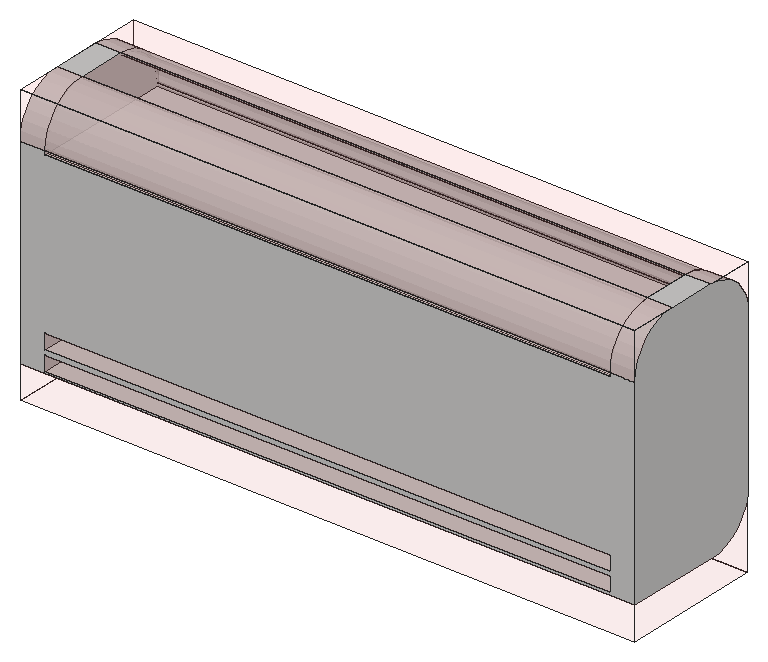
Revit family "Air-Curtain_Climate-Control_PoweredAire_EVE-Unheated", category Mechanical Equipment, host Face, Revit 2022
Family settings
  Host = Face
  Round Connector Dimension = Use Diameter
  Part Type = Normal
  OmniClass Number = 23.75.35.17.21
  OmniClass Title = Air Curtains
  Cut with Voids When Loaded = No
  Maintain Annotation Orientation = No
  Shared = No
  Room Calculation Point = No
Parameters
  Warranty Duration (Years) = 0
  Unit Width Notes = "Other Widths available."  # constant formula
  Unit Width = 3' - 1"
  Unit Weight = 59
  Unit Height = 0' - 8 1/2"  # constant formula
  Unit Depth = 1' - 2 205/256"  # constant formula
  URL = "http://www.poweredaire.com/"
  Test Data = ""
  Temperature Rise_Range = "27"
  Standards Conformance = "ETL  ;  Made in USA"
  Specification = "http://www.arcat.com/sdspecs/htm04/23_34_33pai.htm"
  SpecWizard = ""
  Sound Pressure = "53 dBA"
  Sales Information = "https://poweredaire.com/contact"
  Revision = ""
  Projection from Host [instance] = 0' - 2"
  Product Properties = ""
  Product Data = "http://www.arcat.com/arcatcos/cos47/arc47623.html"
  Power Rating = 0 W
  Outlet Volume_Range = "961 CFM"
  Outlet Velocity_Range = "1316 FPM"
  Nozzle Width = 2' - 11"
  Mounting Width = Unit Width - 0' 1"  # 3' - 0"
  Mounting Height [instance] = 3' - 6"
  Motor RPM = 1075
  Motor HP = 0.2
  Motor Count = 1
  Model = "EVE-1-36E"
  Max Height = 12' - 0"
  Manufacturer Website = "http://www.poweredaire.com/"
  Manufacturer Phone - Toll Free = "888-321-2473"
  Manufacturer Phone = "724-588-3305"
  Manufacturer Fax = "724-588-3371"
  Manufacturer Address = "109 Mortensen Rd.  Greenville, PA 16125"
  Manufacturer = "Powered Aire, Inc"
  Maintenance Schedule (Months) = 0
  Keynote = "23 34 33"
  Installation-Fabrication = ""
  Installation Phase = ""
  Include Clearance [instance] = yes
  Heating Element Load = 0 W
  HVAC_Temperature Rise [instance] = 0 °F
  HVAC_Outlet Volume [instance] = 0 CFM
  HVAC_Outlet Velocity Uniformity = 0.87
  HVAC_Outlet Velocity [instance] = 0 FPM
  Green Building-LEED = "http://www.arcat.com/green/clients/leed_data_47623.html"
  Front Grating Material [instance] = Metal - Steel - PoweredAire - Stainless 304 Perforated
  Frame Finish [instance] = Metal - Steel - PoweredAire - Stainless 304
  Expected Lifespan (Years) = 0
  Electrical_Wattage [instance] = Power Rating + Heating Element Load  # 0 W
  Electrical_Voltage [instance] = 0 V
  Electrical_Phase [instance] = 2
  Electrical_Frequency [instance] = 0 Hz
  Electrical_Amperage [instance] = 0 A
  Drawn By = ""
  Description = "Powered Aire Electrically Heated Climate Control Air Curtain - EVE-1-36E as Specified"
  Default Elevation = 0' - 0"  # constant formula
  Copyright = "©Arcat Inc."
  Construction Details = "http://www.arcat.com/details/powair/prod3336.html"
  Clearance_Top [instance] = 0' - 0"
  Clearance_Side B [instance] = 0' - 0"
  Clearance_Side A [instance] = 0' - 0"
  Clearance_Intake [instance] = 0' - 0"
  Clearance_Bottom [instance] = 0' - 0"
  Clearance Material [instance] = ARCAT Clearance
  Building Codes = ""
  Available Options [instance] = "as Specified"
  Assembly Code = "D3090400"
Reference planes (in)
  plane 1 "Center (Elevation)": y = 0.13818
  plane 2: z = 0
  plane 3 "Center (Left/Right)": x = 0
  plane 4: y = 4.38818
  plane 5: y = -4.11182
  plane 6: x = -18.5
  plane 7: x = 18.5
  plane 8: z = 16.80078
  plane 9 "FF": y = -41.86182
  plane 10: z = 2
  plane 11: x = 17
  plane 12: x = -17
  plane 13 "CL-3": y = 4.38818
  plane 14 "CL-2": y = -4.11182
  plane 15: x = -18.5
  plane 16: x = 18.5
  plane 17 "CL-1": z = 16.80078
  plane 18: z = 13.80078
Forms (in)
  Extrusion 1, solid, material "Metal - Steel - PoweredAire - Stainless 304" <- "Frame Finish"
    sketch origin (0, 0, 0) x (0, 1, 0) y (0, 0, 1)
      loop
        line (-4.11182, 14) -> (-4.11182, 2) -> (1.58818, 2)
        arc (1.58818, 2) -> (3.56808, 2.8201) -> (4.38818, 4.8) r 2.8
        line (4.38818, 4.8) -> (4.38818, 14)
        arc (4.38818, 14) -> (3.56808, 15.9799) -> (1.58818, 16.8) r 2.8
        line (1.58818, 16.8) -> (-1.31182, 16.80078)
        arc (-1.31182, 16.80078) -> (-3.29172, 15.9799) -> (-4.11182, 14) r 2.8
    from 17 to 18.5
  Extrusion 2, solid, material "Metal - Steel - PoweredAire - Stainless 304 Perforated" <- "Front Grating Material"
    sketch origin (0, 0, 0) x (0, 1, 0) y (0, 0, 1)
      loop
        arc (-1.31182, 16.8) -> (-3.29172, 15.9799) -> (-4.11182, 14) r 2.8
        line (-4.11182, 14) -> (-4.11182, 13.80078) -> (-3.98682, 13.80078) -> (-3.98682, 14)
        arc (-3.98682, 14) -> (-3.20333, 15.89151) -> (-1.31182, 16.675) r 2.675
        line (-1.31182, 16.675) -> (1.58818, 16.67578)
        arc (1.58818, 16.67578) -> (3.47969, 15.89151) -> (4.26318, 14) r 2.675
        line (4.26318, 14) -> (4.26318, 13.80078) -> (4.38818, 13.80078) -> (4.38818, 14)
        arc (4.38818, 14) -> (3.56808, 15.9799) -> (1.58818, 16.8) r 2.8
        line (1.58818, 16.8) -> (-1.31182, 16.8)
    from -17 to 17
  Extrusion 3, solid, material "ARCAT Clearance" <- "Clearance Material", visible <- "Include Clearance"
    sketch origin (0, 0, 0) x (0, 1, 0) y (0, 0, 1)
      loop
        line (-4.11182, 16.80078) -> (-4.11182, 0) -> (4.38818, 0) -> (4.38818, 16.80078) -> (-4.11182, 16.80078)
    from -18.5 to 18.5
  Extrusion 4, solid, material "Metal - Steel - PoweredAire - Stainless 304" <- "Frame Finish"
    sketch origin (0, 0, 0) x (0, 1, 0) y (0, 0, 1)
      loop
        line (-4.11182, 14) -> (-4.11182, 2) -> (1.58818, 2)
        arc (1.58818, 2) -> (3.56808, 2.8201) -> (4.38818, 4.8) r 2.8
        line (4.38818, 4.8) -> (4.38818, 14)
        arc (4.38818, 14) -> (3.56808, 15.9799) -> (1.58818, 16.8) r 2.8
        line (1.58818, 16.8) -> (-1.31182, 16.80078)
        arc (-1.31182, 16.80078) -> (-3.29172, 15.9799) -> (-4.11182, 14) r 2.8
    from -18.5 to -17
  Extrusion 5, solid, material "Metal - Steel - PoweredAire - Stainless 304" <- "Frame Finish"
    sketch origin (0, 0, 0) x (0, 1, 0) y (0, 0, 1)
      loop
        line (-4.11182, 13.80078) -> (-4.11182, 4.2) -> (-1.86182, 4.2) -> (-1.86182, 3.2875) -> (-4.11182, 3.2875) -> (-4.11182, 3.0375) -> (-1.86182, 3.0375) -> (-1.86182, 2.125) -> (-4.11182, 2.125) -> (-4.11182, 2) -> (1.58818, 2)
        arc (1.58818, 2) -> (3.56808, 2.8201) -> (4.38818, 4.8) r 2.8
        line (4.38818, 4.8) -> (4.38818, 13.80078) -> (-4.11182, 13.80078)
    from -17 to 17
Cuts and joins
  joined: Extrusion 1, Extrusion 4, Extrusion 5
Dimensions and locks (in)
  equal spacing: plane 4, plane 1 "Center (Elevation)", plane 5
  "Unit Height": plane 4 to plane 5
  equal spacing: plane 6, plane 3 "Center (Left/Right)", plane 7
  "Unit Width": plane 6 to plane 7
  "Mounting Height": plane 1 "Center (Elevation)" to plane 9 "FF"
  "Projection from Host": plane 10 to level
  "Unit Depth": plane 8 to plane 10
  locked: plane 6 to plane 12 at 1.5
  locked: plane 11 to plane 7 at 1.5
  "Clearance_Side A": plane 7 to plane 16
  "Clearance_Side B": plane 15 to plane 6
  "Clearance_Top": plane 13 "CL-3" to plane 4
  "Clearance_Bottom": plane 5 to plane 14 "CL-2"
  "Clearance_Intake": plane 17 "CL-1" to plane 8
  locked: plane 8 to plane 18 at 3
  locked: Extrusion 2 sketch curve to plane 18 at 0.19922  (x2)
  locked: Extrusion 1 sketch curve to plane 18 at 0.19922  (x2)
  locked: Extrusion 4 sketch curve to plane 18 at 0.19922  (x2)
  locked: plane 5 to Extrusion 5 sketch curve at 2.25
  Extrusion 5 sketch curve to Extrusion 5 sketch curve to Extrusion 5 sketch curve to Extrusion 5 sketch curve to plane 10 = 0' - 0.9125" locked, 0' - 0 1/4" locked, 0' - 0.9125" locked, 0' - 0 1/8" locked
  locked: plane 8 to Extrusion 2 sketch curve at 0.125
  aligned and locked: plane 2 to host face
  aligned and locked: level to host face
  aligned and locked: plane 7 to Extrusion 1
  aligned and locked: Extrusion 1 to plane 11
  aligned and locked: plane 11 to Extrusion 2
  aligned and locked: Extrusion 2 to plane 12
  aligned and locked: Extrusion 3 sketch curve to plane 17 "CL-1"
  aligned and locked: plane 14 "CL-2" to Extrusion 3 sketch curve
  aligned and locked: level to Extrusion 3 sketch curve
  aligned and locked: Extrusion 3 sketch curve to plane 13 "CL-3"
  aligned and locked: plane 16 to Extrusion 3
  aligned and locked: Extrusion 3 to plane 15
  aligned and locked: plane 12 to Extrusion 4
  aligned and locked: Extrusion 4 to plane 6
  aligned and locked: Extrusion 2 sketch curve to plane 18  (x2)
  aligned and locked: Extrusion 4 sketch curve to plane 10
  aligned and locked: Extrusion 1 sketch curve to plane 10
  aligned and locked: Extrusion 5 sketch curve to plane 18
  aligned and locked: Extrusion 5 sketch curve to plane 10
  aligned and locked: Extrusion 5 to plane 12
  aligned and locked: plane 11 to Extrusion 5
  aligned and locked: plane 8 to Extrusion 1 sketch curve
  aligned and locked: plane 8 to Extrusion 4 sketch curve
  aligned and locked: plane 8 to Extrusion 2 sketch curve
  aligned and locked: Extrusion 5 sketch curve to plane 5  (x2)
  aligned and locked: plane 5 to Extrusion 5 sketch curve
  aligned and locked: plane 4 to Extrusion 1 sketch curve
  aligned and locked: plane 4 to Extrusion 2 sketch curve
  aligned and locked: Extrusion 5 sketch curve to plane 4
Automatic sketch dimensions
  host sketch curve to host sketch curve = 8' - 0"  (x2)
  plane 5 to Extrusion 1 sketch curve = 0' - 2.8"
  plane 1 "Center (Elevation)" to Extrusion 1 sketch curve = 0' - 1.45"
  Extrusion 1 sketch curve to plane 1 "Center (Elevation)" = 0' - 1.45"  (x2)
  Extrusion 1 sketch curve to Extrusion 1 sketch curve = 0' - 0"
  Extrusion 1 sketch curve to plane 5 = 0' - 0"
  Extrusion 4 sketch curve to plane 5 = 0' - 0"
  Extrusion 4 sketch curve to plane 4 = 0' - 0"
  plane 1 "Center (Elevation)" to Extrusion 4 sketch curve = 0' - 1.45"
  Extrusion 4 sketch curve to plane 1 "Center (Elevation)" = 0' - 1.45"  (x2)
  Extrusion 4 sketch curve to Extrusion 4 sketch curve = 0' - 0"  (x2)
  Extrusion 2 sketch curve to plane 4 = 0' - 2.8"
  Extrusion 2 sketch curve to plane 1 "Center (Elevation)" = 0' - 1.45"
  Extrusion 2 sketch curve to Extrusion 2 sketch curve = 0' - 0"  (x6)
  plane 5 to Extrusion 2 sketch curve = 0' - 0 1/8"
  Extrusion 2 sketch curve to plane 4 = 0' - 0 1/8"
  plane 5 to Extrusion 2 sketch curve = 0' - 2.8"
  Extrusion 2 sketch curve to plane 5 = 0' - 0"
  Extrusion 5 sketch curve to Extrusion 5 sketch curve = 0' - 0"
  Extrusion 5 sketch curve to plane 1 "Center (Elevation)" = 0' - 1.45"
  Extrusion 2 sketch curve to Extrusion 2 sketch curve = 0' - 0.00078"
Connectors (in)
  electrical at (-18.5, 0.34532, 10.05725), driven by "Electrical_Voltage", driven by "Electrical_Phase"
    settings: on cut or joined group of Extrusion 1, Extrusion 4, Extrusion 5, index 1, voltage 0 V, apparent load 0 VA, apparent load phase1 0 VA, apparent load phase2 0 VA, apparent load phase3 0 VA, power factor 1, load classification "Other", number of poles 2, system type 31, power factor state 1, is connector primary yes, connector utility no, sub classification motor no, connector description "Power Connector"
